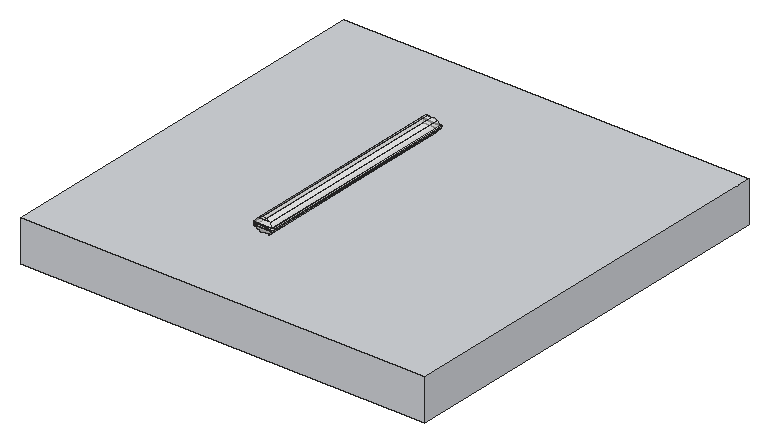
Revit family "Thorn XETARO", category Lighting Fixtures, host Face, Revit 2018
Family settings
  Host = Face
  Round Connector Dimension = Use Diameter
  Part Type = Normal
  OmniClass Number = 23.80.70.11
  OmniClass Title = Luminaries for Internal Lighting
  Cut with Voids When Loaded = No
  Light Source = Yes
  Shared = No
  Room Calculation Point = No
Parameters (values of type "XETARO L")
  Width = 145 mm  # constant formula
  Wattage Comments = ""
  Wattage = 39.1135 W
  built-in parameter 1150110 = 1 (stored number, unit not read)
  Voltage = 230 V
  URL = "http://thornlighting.com/96701889"
  Type Comments = "© Thorn. We reserve the right to make technical changes without prior notice."  # constant formula
  built-in parameter 1114217 = 1 (stored number, unit not read)
  Tilt Angle = -90.00°
  built-in parameter 1150109 = 1 (stored number, unit not read)
  built-in parameter 1150134 = 12
  built-in parameter 1150113 = 1 (stored number, unit not read)
  Photometric Web File = "96701889_(STD).IES"
  Model = "96701889"
  Manufacturer = "Thorn Lighting"  # constant formula
  built-in parameter 1150105 = 1854 (stored number, unit not read)
  Lumens = 5810 lm
  built-in parameter 1150115 = 1 (stored number, unit not read)
  built-in parameter 1150137 = (empty or 0)
  built-in parameter 1150139 = (empty or 0)
  Length = 1572 mm
  built-in parameter 1150112 = 1 (stored number, unit not read)
  built-in parameter 1150114 = 1 (stored number, unit not read)
  Lamp = "LED"  # constant formula
  built-in parameter 1150132 = 2
  built-in parameter 1150102 = (empty or 0)
  built-in parameter 1150107 = 4000 (stored number, unit not read)
  built-in parameter 1150138 = (empty or 0)
  built-in parameter 1150106 = 18.54 (stored number, unit not read)
  Height = 100 mm  # constant formula
  Fixing Length = if(Length = 1572 mm, 950 mm, 700 mm)  # 950 mm
  Emit from Rectangle Width = Length  # 1572 mm
  Emit from Rectangle Length = Width  # 145 mm
  Emit Shape Visible in Rendering = no
  built-in parameter 1150104 = 13.8 (stored number, unit not read)
  Dimming Lamp Color Temperature Shift = <None>
  Description = "Moisture-proof diffuser luminaire"  # constant formula
  Default Elevation = 0 mm
  Cover = ZG_PMMA_Semitransparent_SI
  Color Filter = 16777215
  Body = ZG_PMMA_Grey
  built-in parameter 1114218 = 1 (stored number, unit not read)
  built-in parameter 1150133 = 10 (stored number, unit not read)
  Assembly Code = "D5020210"
  Apparent Load = 38 VA
Types (2, lengths in mm): name | Wattage | URL | Photometric Web File | Model | built-in parameter 1150105 | Lumens | Length | built-in parameter 1150106 | Fixing Length | Emit from Rectangle Width | Apparent Load
  XETARO M | 31.3716 W | "http://thornlighting.com/96701888" | "96701888_(STD).IES" | "96701888" | 370.83 (stored number, unit not read) | 4660 lm | 1272 | 3.7083 (stored number, unit not read) | 700 | 1272 | 31 VA
  XETARO L | 39.1135 W | "http://thornlighting.com/96701889" | "96701889_(STD).IES" | "96701889" | 1854 (stored number, unit not read) | 5810 lm | 1572 | 18.54 (stored number, unit not read) | 950 | 1572 | 38 VA
Reference planes
  plane 1 "Center (Front/Back)": y = 0
  plane 2 "Top": z = 0
  plane 3 "Center (Left/Right)": x = -735.5
  plane 4: x = -735.5
  plane 5 "Left": y = 786
  plane 6 "Right": y = -786
  plane 7 "Body": z = 64
  plane 8: z = 110
  plane 9: z = 10
  plane 10 "Clip 3": z = 46.144
  plane 11: x = -808
  plane 12: x = -663
  plane 13: y = 736
  plane 14: y = -736
  plane 15 "F1": y = 475
  plane 16 "F2": y = -475
Forms (mm)
  Extrusion 1, solid
    sketch origin (123, 0, 0) x (1, 0, 0) y (0, 1, 0)
      loop
        line (-2085.5, 1500) -> (-2085.5, -1500) -> (914.5, -1500) -> (914.5, 1500) -> (-2085.5, 1500)
    from 0 to -304.8
  Extrusion 2, solid, material "ZG_PMMA_Semitransparent_SI" <- "Cover"
    sketch origin (0, 0, 128) x (1, 0, 0) y (0, 0, 1)
      loop
        line (-799.25, -60.25) -> (-671.75, -60.25)
        arc (-671.75, -60.25) -> (-677.337, -44.462) -> (-687.651, -31.267) r 52.016
        arc (-687.651, -31.267) -> (-703.361, -21.435) -> (-721.573, -18) r 50
        line (-721.573, -18) -> (-749.427, -18)
        arc (-749.427, -18) -> (-767.639, -21.435) -> (-783.349, -31.267) r 50
        arc (-783.349, -31.267) -> (-793.663, -44.462) -> (-799.25, -60.25) r 52.016
    from -786 to 786
  Extrusion 3, solid, material "ZG_PMMA_Grey" <- "Body"
    sketch origin (0, 0, 0) x (1, 0, 0) y (0, 0, 1)
      loop
        arc (-710.968, 10) -> (-703.743, 11.635) -> (-697.925, 16.221) r 16.783
        line (-697.925, 16.221) -> (-677.204, 41.809)
        arc (-677.204, 41.809) -> (-674.715, 44.276) -> (-671.75, 46.144) r 16.064
        line (-671.75, 46.144) -> (-799.25, 46.144)
        arc (-799.25, 46.144) -> (-796.285, 44.276) -> (-793.796, 41.809) r 16.064
        line (-793.796, 41.809) -> (-773.075, 16.221)
        arc (-773.075, 16.221) -> (-767.257, 11.635) -> (-760.032, 10) r 16.783
        line (-760.032, 10) -> (-710.968, 10)
    from -786 to 786
  Sweep 4, solid, material "ZG_PMMA_Grey" <- "Body"
    path origin (0, 0, 64) x (-1, 0, 0) y (0, -1, 0)
      loop
        arc (808, 776) -> (805.071, 783.071) -> (798, 786) r 10
        line (798, 786) -> (673, 786)
        arc (673, 786) -> (665.929, 783.071) -> (663, 776) r 10
        line (663, 776) -> (663, -776)
        arc (663, -776) -> (665.929, -783.071) -> (673, -786) r 10
        line (673, -786) -> (798, -786)
        arc (798, -786) -> (805.071, -783.071) -> (808, -776) r 10
        line (808, -776) -> (808, 776)
    profile origin (-808, 0, 64) x (-1, 0, 0) y (0, 0, 1)
      loop
        arc (-0.037, -0.485) -> (-1.255, 3.438) -> (-5, 5.124) r 5
        arc (-5, 5.124) -> (-6.997, 4.77) -> (-8.75, 3.75) r 5.803
        line (-8.75, 3.75) -> (-8.75, -17.856) -> (-6.113, -17.856)
        arc (-6.113, -17.856) -> (-3.16, -16.737) -> (-1.69, -13.943) r 4.456
        line (-1.69, -13.943) -> (-0.037, -0.485)
  Extrusion 5, void
    sketch origin (-735.5, 0, 0) x (0, -1, 0) y (0, 0, 1)
      loop
        line (-781.729, 64) -> (-774.36, 101.908)
        arc (-774.36, 101.908) -> (-770.905, 107.716) -> (-764.544, 110) r 10
        line (-764.544, 110) -> (-786, 110) -> (-786, 64) -> (-781.729, 64)
      loop
        line (-786, 46.144) -> (-786, 10) -> (-764.544, 10)
        arc (-764.544, 10) -> (-774.618, 27.232) -> (-781, 46.144) r 98.236
        line (-781, 46.144) -> (-786, 46.144)
      loop
        line (781.729, 64) -> (786, 64) -> (786, 110) -> (764.544, 110)
        arc (764.544, 110) -> (770.905, 107.716) -> (774.36, 101.908) r 10
        line (774.36, 101.908) -> (781.729, 64)
      loop
        line (786, 46.144) -> (781, 46.144)
        arc (781, 46.144) -> (774.618, 27.232) -> (764.544, 10) r 98.236
        line (764.544, 10) -> (786, 10) -> (786, 46.144)
    from -100 to 100
  Extrusion 6, solid, material "ZG_PMMA_Grey" <- "Body"
    sketch origin (0, 475, 0) x (0, 0, 1) y (-1, 0, 0)
      loop
        line (9.981, 760.033) -> (0, 756) -> (0, 715) -> (9.981, 710.967) -> (9.981, 713.124) -> (2, 716.349) -> (2, 754.651) -> (9.981, 757.876) -> (9.981, 760.033)
    from -5 to 5
  Extrusion 7, solid, material "ZG_PMMA_Grey" <- "Body"
    sketch origin (0, -475, 0) x (0, 0, 1) y (1, 0, 0)
      loop
        line (9.981, -760.033) -> (9.981, -757.876) -> (2, -754.651) -> (2, -716.349) -> (9.981, -713.124) -> (9.981, -710.967) -> (0, -715) -> (0, -756) -> (9.981, -760.033)
    from -5 to 5
Cuts and joins
  Extrusion 5 cuts Extrusion 2
  Extrusion 5 cuts Extrusion 3
Lines and regions (mm)
  symbolic lines, style "Zumtobel Lighting", detail levels coarse
    curve 1: line (-735.5, 786, 0) -> (-735.5, -786, 0)
    curve 2: line (-781.5, -786, 0) -> (-689.5, -786, 0)
    curve 3: line (-781.5, 786, 0) -> (-689.5, 786, 0)
  model lines
    curve 4: arc (-773, 0, 64) -> (-767.974, 0, 78.248) -> (-758.479, 0, 90) r 44.601
    curve 5: line (-758.479, 0, 90) -> (-758.479, 0, 64)
    curve 6: line (-758.479, 0, 64) -> (-773, 0, 64)
Dimensions and locks
  "Length": plane 6 "Right" to plane 5 "Left"
  equal spacing: plane 6 "Right", plane 1 "Center (Front/Back)", plane 5 "Left"
  plane 8 to plane 9 = 100 mm
  locked: plane 5 "Left" to plane 13 at 50
  locked: plane 14 to plane 6 "Right" at 50
  equal spacing: plane 15 "F1", plane 1 "Center (Front/Back)", plane 16 "F2"
  "Fixing Length": plane 15 "F1" to plane 16 "F2"
  aligned and locked: plane 2 "Top" to Extrusion 1
  aligned and locked: level to Extrusion 1
  aligned and locked: imposter light to plane 1 "Center (Front/Back)"
  aligned and locked: imposter light to plane 3 "Center (Left/Right)"
  aligned and locked: plane 12 to Sweep 4 sketch curve
  aligned and locked: plane 6 "Right" to Sweep 4 sketch curve
  aligned and locked: Extrusion 2 to Extrusion 3
  aligned and locked: Extrusion 3 to plane 6 "Right"
  aligned and locked: Extrusion 2 to plane 6 "Right"
  aligned and locked: Extrusion 2 to plane 5 "Left"
  aligned and locked: plane 5 "Left" to Sweep 4 sketch curve
  aligned and locked: Extrusion 5 sketch curve to plane 5 "Left"  (x2)
  aligned and locked: Extrusion 5 sketch curve to plane 8
  aligned and locked: Extrusion 5 sketch curve to plane 7 "Body"
  aligned and locked: Extrusion 5 sketch curve to plane 10 "Clip 3"
  aligned and locked: Extrusion 5 sketch curve to plane 9
  aligned and locked: plane 8 to Extrusion 5 sketch curve
  aligned and locked: plane 6 "Right" to Extrusion 5 sketch curve  (x2)
  aligned and locked: plane 7 "Body" to Extrusion 5 sketch curve
  aligned and locked: plane 10 "Clip 3" to Extrusion 5 sketch curve
  aligned and locked: plane 9 to Extrusion 5 sketch curve
Automatic sketch dimensions
  curve 2 to plane 6 "Right" = 0 mm
  plane 5 "Left" to curve 3 = 0 mm
  curve 1 to plane 3 "Center (Left/Right)" = 0 mm
  curve 3 to plane 11 = 26.5 mm
  curve 2 to plane 11 = 26.5 mm
  curve 3 to plane 12 = 26.5 mm
  curve 2 to plane 12 = 26.5 mm
  curve 4 to plane 7 "Body" = 0 mm
  curve 6 to plane 11 = 35 mm
  curve 5 to plane 8 = 20 mm
  plane 3 "Center (Left/Right)" to curve 5 = 22.979 mm
  curve 4 to plane 3 "Center (Left/Right)" = 6.466 mm
  Extrusion 1 sketch curve to Extrusion 1 sketch curve = 3000 mm  (x2)
  Extrusion 2 sketch curve to plane 8 = 0 mm
  Extrusion 2 sketch curve to plane 7 "Body" = 3.75 mm
  plane 11 to Extrusion 2 sketch curve = 8.75 mm
  plane 7 "Body" to Extrusion 2 sketch curve = 4 mm
  Extrusion 2 sketch curve to plane 3 "Center (Left/Right)" = 13.927 mm
  Extrusion 2 sketch curve to Extrusion 2 sketch curve = 1.368 mm  (x2)
  plane 7 "Body" to Extrusion 2 sketch curve = 5.481 mm
  plane 3 "Center (Left/Right)" to Extrusion 2 sketch curve = 12.56 mm
  plane 12 to Extrusion 2 sketch curve = 8.75 mm
  Extrusion 2 sketch curve to Extrusion 2 sketch curve = 1.481 mm  (x2)
  Extrusion 3 sketch curve to plane 10 "Clip 3" = 0 mm
  Extrusion 3 sketch curve to plane 9 = 0 mm
  Extrusion 3 sketch curve to plane 11 = 1.72 mm
  Extrusion 3 sketch curve to plane 11 = 8.75 mm
  Extrusion 3 sketch curve to plane 10 "Clip 3" = 4.335 mm  (x2)
  Extrusion 3 sketch curve to Extrusion 3 sketch curve = 5.454 mm  (x2)
  Extrusion 3 sketch curve to plane 9 = 6.221 mm  (x2)
  Extrusion 3 sketch curve to Extrusion 3 sketch curve = 20.721 mm
  Extrusion 3 sketch curve to Extrusion 3 sketch curve = 13.043 mm  (x2)
  Extrusion 3 sketch curve to plane 3 "Center (Left/Right)" = 24.532 mm
  Extrusion 3 sketch curve to plane 12 = 14.204 mm
  Extrusion 3 sketch curve to plane 12 = 1.72 mm
  Sweep 4 sketch curve to plane 11 = 0 mm
  Sweep 4 sketch curve to plane 12 = 10 mm  (x2)
  plane 6 "Right" to Sweep 4 sketch curve = 10 mm
  Sweep 4 sketch curve to plane 11 = 10 mm
  profile plane to Sweep 4 sketch curve = 8.75 mm
  Sweep 4 sketch curve to Sweep 4 sketch curve = 2.637 mm
  Sweep 4 sketch curve to plane 7 "Body" = 0.678 mm
  profile plane to Sweep 4 sketch curve = 5 mm
  profile plane to Sweep 4 sketch curve = 1.69 mm
  profile plane to Sweep 4 sketch curve = 0.037 mm
  Sweep 4 sketch curve to Sweep 4 sketch curve = 12.721 mm
  Sweep 4 sketch curve to Sweep 4 sketch curve = 0.543 mm
  Sweep 4 sketch curve to plane 7 "Body" = 0.485 mm
  plane 7 "Body" to Sweep 4 sketch curve = 0.124 mm
  plane 7 "Body" to Sweep 4 sketch curve = 3.75 mm
  Extrusion 5 sketch curve to plane 8 = 0 mm  (x2)
  plane 5 "Left" to Extrusion 5 sketch curve = 4.271 mm
  plane 5 "Left" to Extrusion 5 sketch curve = 5 mm
  plane 5 "Left" to Extrusion 5 sketch curve = 11.64 mm
  plane 5 "Left" to Extrusion 5 sketch curve = 21.456 mm
  Extrusion 5 sketch curve to Extrusion 5 sketch curve = 9.816 mm
  plane 7 "Body" to Extrusion 5 sketch curve = 3.937 mm  (x2)
  plane 14 to Extrusion 5 sketch curve = 50.788 mm
  Extrusion 5 sketch curve to Extrusion 5 sketch curve = 21.456 mm
  Extrusion 5 sketch curve to plane 8 = 10 mm
  plane 6 "Right" to Extrusion 5 sketch curve = 21.456 mm
  Extrusion 5 sketch curve to plane 8 = 8.092 mm
  Extrusion 5 sketch curve to Extrusion 5 sketch curve = 4.271 mm
  Extrusion 5 sketch curve to Extrusion 5 sketch curve = 10 mm
  Extrusion 5 sketch curve to Extrusion 5 sketch curve = 0 mm  (x2)
  Extrusion 6 sketch curve to level = 0 mm
  level to Extrusion 6 sketch curve = 2 mm
  plane 9 to Extrusion 6 sketch curve = 0.019 mm  (x2)
  Extrusion 6 sketch curve to plane 3 "Center (Left/Right)" = 24.533 mm
  Extrusion 6 sketch curve to Extrusion 6 sketch curve = 2.157 mm  (x2)
  Extrusion 6 sketch curve to Extrusion 6 sketch curve = 1.875 mm
  Extrusion 6 sketch curve to Extrusion 6 sketch curve = 1.349 mm  (x2)
  plane 3 "Center (Left/Right)" to Extrusion 6 sketch curve = 19.151 mm
  Extrusion 6 sketch curve to Extrusion 6 sketch curve = 3.224 mm
  Extrusion 7 sketch curve to level = 0 mm
  Extrusion 7 sketch curve to level = 2 mm
  Extrusion 7 sketch curve to plane 9 = 0.019 mm  (x2)
  plane 3 "Center (Left/Right)" to Extrusion 7 sketch curve = 24.533 mm
  Extrusion 7 sketch curve to Extrusion 7 sketch curve = 2.157 mm  (x2)
  Extrusion 7 sketch curve to Extrusion 7 sketch curve = 1.875 mm
  Extrusion 7 sketch curve to Extrusion 7 sketch curve = 1.349 mm  (x2)
  Extrusion 7 sketch curve to plane 3 "Center (Left/Right)" = 19.151 mm
  Extrusion 7 sketch curve to Extrusion 7 sketch curve = 3.224 mm
Connectors
  electrical at (-735.5, 0, 0), driven by "Apparent Load", driven by "Voltage"
    settings: index 1, voltage 230 V, apparent load 0 VA, apparent load phase1 38 VA, apparent load phase2 0 VA, apparent load phase3 0 VA, power factor 1, load classification "Lighting", number of poles 1, system type 31, power factor state 1, is connector primary yes, connector utility no, sub classification motor no, connector description "Power"
